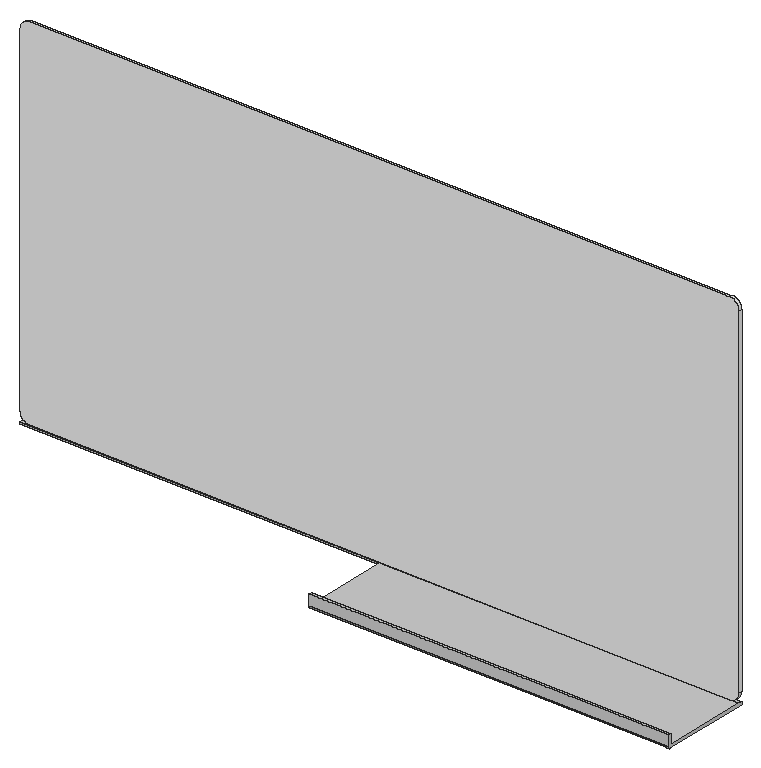
Revit family "Haworth_Belong_Tool_TerritoryScreen", category Furniture Systems, Revit 2018
Family settings
  Round Connector Dimension = Use Diameter
  Part Type = Normal
  OmniClass Number = 23.40.70.14.64.21
  OmniClass Title = Systems Furniture
  Work Plane-Based = No
  Always vertical = Yes
  Cut with Voids When Loaded = No
  Shared = No
  Room Calculation Point = No
Parameters (values of type "Territory Screen Shared")
  Worksurface Thickness = 1 3/16"  # constant formula
  Worksurface Height = 29"
  Width = 24"
  Warranty = "http://www.haworth.com/resources/product-info/warranties"
  URL - Product = "http://www.haworth.com/products/accessories/work-tools/belong"
  URL = "www.haworth.com"
  Type Comments = ""
  Territory Screen Shared = not(Territory Screen End)  # yes
  Territory Screen End = no
  Territory Screen = or(Territory Screen End, Territory Screen Shared)  # yes
  Sustainability Info = "http://www.haworth.com/company-info/sustainablility"
  Size = "Verify Final Dim. w/ Haworth"  # constant formula
  Screen Finish = Haworth _ Polymer _ Snow
  Screen Depth = 11/128"
  Revision Number = "4"  # constant formula
  Panel Bottom Offset = 1/4"
  Custom Size = no
  Bracket Finish = Haworth _ Metal _ Brushed Aluminum
  Actual Mounting Height = 29"
  Actual Bottom of Glass Height [instance] = 29"
  Model = "Haworth - Belong Screen - Territory"  # constant formula
  Standard Widths = "24 in."
  Standard Heights = "12 in."
  Min. Width = 24"  # constant formula
  Max. Width = 23 3/4"
  Min. Height = 12"
  Max. Height = 12"
  Manufacturer = "Haworth"  # constant formula
  Height = 12"
  Description = "Haworth - Belong Screen - Territory"  # constant formula
  Bracket Spacing = Actual Width - 10"  # 13 3/4"
  Bracket Offset = 3"  # constant formula
  Author = "Haworth (Hampton), SHAPE Environments, LLC"  # constant formula
  Assembly Code = "E2020200"
  Actual Width = if(Width > Max. Width, Max. Width, if(Width < Min. Width, Min. Width, Width))  # 23 3/4"
  Actual Height = if(Height > Max. Height, Max. Height, if(Height < Min. Height, Min. Height, Height))  # 12"
Types (2): name | Territory Screen Shared | Territory Screen End | Sustainability Info
  Territory Screen Shared | yes | no | "http://www.haworth.com/company-info/sustainablility"
  Territory Screen End | no | yes | "https://www.haworth.com/na/en/expertise/sustainability.html"
Reference planes (in)
  plane 1 "Center F/B": y = 0
  plane 2: z = 0
  plane 3 "Center L/R": x = -1.28601
  plane 4 "Screen Top": z = 41
  plane 5 "Bottom": z = 29
  plane 6 "Left": x = -13.16101
  plane 7 "Right": x = 10.58899
  plane 8 "Back": y = 0.04297
  plane 9 "Table Height Bottom": z = 29
  plane 10 "Front": y = -0.04297
  plane 11 "Right Bracket": x = 7.58899
  plane 12 "Left Bracket": x = -10.16101
  plane 13 "Panel Bottom": z = 29.25
  plane 14: y = 2.95462
  plane 15: y = -2.95462
  plane 16: y = -2.86962
  plane 17: y = -2.95462
Forms (in)
  Extrusion 1, solid, material "Haworth _ Polymer _ Snow" <- "Screen Finish"
    sketch origin (0, 0, 24) x (1, 0, 0) y (0, 0, 1)
      loop
        arc (-12.84851, 17) -> (-13.06948, 16.90847) -> (-13.16101, 16.6875) r 0.3125
        line (-13.16101, 16.6875) -> (-13.16101, 5.38798)
        arc (-13.16101, 5.38798) -> (-13.06948, 5.16701) -> (-12.84851, 5.07548) r 0.3125
        line (-12.84851, 5.07548) -> (10.27649, 5.07548)
        arc (10.27649, 5.07548) -> (10.49747, 5.16701) -> (10.58899, 5.38798) r 0.3125
        line (10.58899, 5.38798) -> (10.58899, 16.6875)
        arc (10.58899, 16.6875) -> (10.49747, 16.90847) -> (10.27649, 17) r 0.3125
        line (10.27649, 17) -> (-12.84851, 17)
    from 0.04297 to -0.04297
  Extrusion 2, solid, material "Haworth _ Metal _ Brushed Aluminum" <- "Bracket Finish", visible <- "Territory Screen End"
    sketch origin (-1.28601, 0, 0) x (0, 1, 0) y (0, 0, 1)
      loop
        line (-0.04297, 29.07548) -> (-0.04297, 29) -> (2.89212, 29)
        arc (2.89212, 29) -> (2.93632, 29.01831) -> (2.95462, 29.0625) r 0.0625
        line (2.95462, 29.0625) -> (2.95462, 29.42548) -> (2.86962, 29.42548) -> (2.86962, 29.13798)
        arc (2.86962, 29.13798) -> (2.85132, 29.09379) -> (2.80712, 29.07548) r 0.0625
        line (2.80712, 29.07548) -> (0.04297, 29.07548) -> (-0.04297, 29.07548)
    from -11.875 to 11.875
  Extrusion 3, solid, material "Haworth _ Metal _ Brushed Aluminum" <- "Bracket Finish", visible <- "Territory Screen Shared"
    sketch origin (-1.28601, 0, 0) x (0, 1, 0) y (0, 0, 1)
      loop
        line (-0.04297, 29.07548) -> (-0.04297, 29) -> (2.89212, 29)
        arc (2.89212, 29) -> (2.93632, 29.01831) -> (2.95462, 29.0625) r 0.0625
        line (2.95462, 29.0625) -> (2.95462, 29.42548) -> (2.86962, 29.42548) -> (2.86962, 29.13798)
        arc (2.86962, 29.13798) -> (2.85132, 29.09379) -> (2.80712, 29.07548) r 0.0625
        line (2.80712, 29.07548) -> (0.04297, 29.07548) -> (-0.04297, 29.07548)
    from -11.875 to 0
  Extrusion 4, solid, material "Haworth _ Metal _ Brushed Aluminum" <- "Bracket Finish", visible <- "Territory Screen Shared"
    sketch origin (-1.28601, 0, 0) x (0, -1, 0) y (0, 0, -1)
      loop
        line (-0.04297, -29.07548) -> (0.04297, -29.07548) -> (2.80712, -29.07548)
        arc (2.80712, -29.07548) -> (2.85132, -29.09379) -> (2.86962, -29.13798) r 0.0625
        line (2.86962, -29.13798) -> (2.86962, -29.42548) -> (2.95462, -29.42548) -> (2.95462, -29.0625)
        arc (2.95462, -29.0625) -> (2.93632, -29.01831) -> (2.89212, -29) r 0.0625
        line (2.89212, -29) -> (-0.04297, -29) -> (-0.04297, -29.07548)
    from 0 to 11.875
Lines and regions (in)
  Masking region 1
    outline origin (0, 0, 41) x (-1, 0, 0) y (0, -1, 0)
      loop
        line (13.16101, -0.04297) -> (13.16101, 0.04297) -> (-10.58899, 0.04297) -> (-10.58899, -0.04297) -> (13.16101, -0.04297)
  Masking region 2, visible <- "Territory Screen Shared"
    outline origin (0, 0, 0) x (1, 0, 0) y (0, 1, 0)
      loop
        line (-13.16101, 2.95462) -> (-13.16101, 0.04297) -> (-1.28601, 0.04297) -> (-1.28601, 2.95462) -> (-13.16101, 2.95462)
      loop
        line (10.58899, -2.86962) -> (10.58899, -0.04297) -> (-1.28601, -0.04297) -> (-1.28601, -2.86962) -> (10.58899, -2.86962)
  Masking region 3, visible <- "Territory Screen End"
    outline origin (0, 0, 0) x (1, 0, 0) y (0, 1, 0)
      loop
        line (-13.16101, 2.89212) -> (-13.16101, -0.04297) -> (10.58899, -0.04297) -> (10.58899, 2.89212) -> (-13.16101, 2.89212)
Dimensions and locks (in)
  "Actual Height": plane 4 "Screen Top" to plane 5 "Bottom"
  equal spacing: plane 7 "Right", plane 3 "Center L/R", plane 6 "Left"
  "Actual Width": plane 6 "Left" to plane 7 "Right"
  "Screen Depth": plane 8 "Back" to plane 10 "Front"
  equal spacing: plane 8 "Back", plane 1 "Center F/B", plane 10 "Front"
  "Actual Mounting Height": plane 9 "Table Height Bottom" to plane 2
  "Bracket Offset": plane 7 "Right" to plane 11 "Right Bracket"
  "Bracket Offset": plane 12 "Left Bracket" to plane 6 "Left"
  "Actual Bottom of Glass Height": plane 5 "Bottom" to plane 2
  "Panel Bottom Offset": plane 13 "Panel Bottom" to plane 5 "Bottom"
  plane 5 "Bottom" to Extrusion 2 = 0.42548"
  plane 5 "Bottom" to Extrusion 3 = 0.42548"
  plane 5 "Bottom" to Extrusion 4 = 0.42548"
  aligned and locked: Extrusion 1 sketch curve to plane 4 "Screen Top"
  aligned and locked: plane 7 "Right" to Extrusion 1 sketch curve
  aligned and locked: plane 8 "Back" to Extrusion 1
  aligned and locked: plane 10 "Front" to Extrusion 1
  aligned and locked: plane 10 "Front" to Masking region 1 sketch curve
  aligned and locked: plane 7 "Right" to Masking region 1 sketch curve
  aligned and locked: Extrusion 2 to plane 5 "Bottom"
  aligned and locked: Extrusion 2 to plane 7 "Right"
  aligned and locked: Extrusion 2 to plane 6 "Left"
  aligned and locked: plane 3 "Center L/R" to Extrusion 3
  aligned and locked: Extrusion 3 to plane 6 "Left"
  aligned and locked: Extrusion 4 to plane 7 "Right"
  aligned and locked: Extrusion 1 to Extrusion 2
  aligned and locked: Extrusion 2 to Extrusion 3
  aligned and locked: Masking region 3 to plane 6 "Left"
  aligned and locked: Extrusion 3 to Extrusion 1
  aligned and locked: Extrusion 3 to Masking region 2
  aligned and locked: Extrusion 4 to plane 15
  aligned and locked: Masking region 2 to plane 16
  aligned and locked: Extrusion 4 to Masking region 2
  aligned and locked: plane 17 to Extrusion 4
  aligned and locked: Extrusion 2 to Masking region 2
  aligned and locked: plane 16 to Extrusion 4
Automatic sketch dimensions
  Extrusion 1 sketch curve to plane 6 "Left" = 0"
  Extrusion 1 sketch curve to plane 13 "Panel Bottom" = 0.17452"
  plane 6 "Left" to Extrusion 1 sketch curve = 5/16"  (x2)
  plane 7 "Right" to Extrusion 1 sketch curve = 5/16"
  Extrusion 1 sketch curve to plane 4 "Screen Top" = 5/16"
  Extrusion 2 sketch curve to plane 5 "Bottom" = 0"
  Extrusion 2 sketch curve to plane 10 "Front" = 0"
  Extrusion 2 sketch curve to plane 8 "Back" = 0"
  Extrusion 2 sketch curve to plane 13 "Panel Bottom" = 0.11202"
  plane 8 "Back" to Extrusion 2 sketch curve = 2.76415"
  Extrusion 2 sketch curve to Extrusion 2 sketch curve = 1/16"
  Extrusion 2 sketch curve to Extrusion 2 sketch curve = 0.085"
  plane 5 "Bottom" to Extrusion 2 sketch curve = 1/16"
  plane 13 "Panel Bottom" to Extrusion 2 sketch curve = 0.17548"
  Extrusion 3 sketch curve to plane 5 "Bottom" = 0"
  Extrusion 3 sketch curve to plane 10 "Front" = 0"
  Extrusion 3 sketch curve to plane 8 "Back" = 0"
  Extrusion 3 sketch curve to plane 13 "Panel Bottom" = 0.11202"
  plane 8 "Back" to Extrusion 3 sketch curve = 2.76415"
  Extrusion 3 sketch curve to Extrusion 3 sketch curve = 1/16"
  Extrusion 3 sketch curve to Extrusion 3 sketch curve = 0.085"
  plane 5 "Bottom" to Extrusion 3 sketch curve = 1/16"
  plane 13 "Panel Bottom" to Extrusion 3 sketch curve = 0.17548"
  Extrusion 4 sketch curve to plane 5 "Bottom" = 0"
  Extrusion 4 sketch curve to plane 8 "Back" = 0"
  Extrusion 4 sketch curve to plane 10 "Front" = 0"
  plane 13 "Panel Bottom" to Extrusion 4 sketch curve = 0.11202"
  Extrusion 4 sketch curve to plane 10 "Front" = 2.76415"
  Extrusion 4 sketch curve to Extrusion 4 sketch curve = 1/16"
  Extrusion 4 sketch curve to Extrusion 4 sketch curve = 0.085"
  Extrusion 4 sketch curve to plane 5 "Bottom" = 1/16"
  Extrusion 4 sketch curve to plane 13 "Panel Bottom" = 0.17548"
  Masking region 2 sketch curve to plane 6 "Left" = 0"
  Masking region 2 sketch curve to plane 3 "Center L/R" = 0"  (x2)
  Masking region 2 sketch curve to plane 7 "Right" = 0"
  plane 10 "Front" to Masking region 2 sketch curve = 0"
  Masking region 2 sketch curve to plane 8 "Back" = 0"
  plane 10 "Front" to Masking region 2 sketch curve = 2.82665"
  plane 8 "Back" to Masking region 2 sketch curve = 2.91165"
  Masking region 3 sketch curve to plane 6 "Left" = 0"
  Masking region 3 sketch curve to plane 7 "Right" = 0"
  plane 10 "Front" to Masking region 3 sketch curve = 0"
  plane 8 "Back" to Masking region 3 sketch curve = 2.84915"
  Masking region 1 sketch curve to plane 6 "Left" = 0"
  Masking region 1 sketch curve to plane 8 "Back" = 0"
